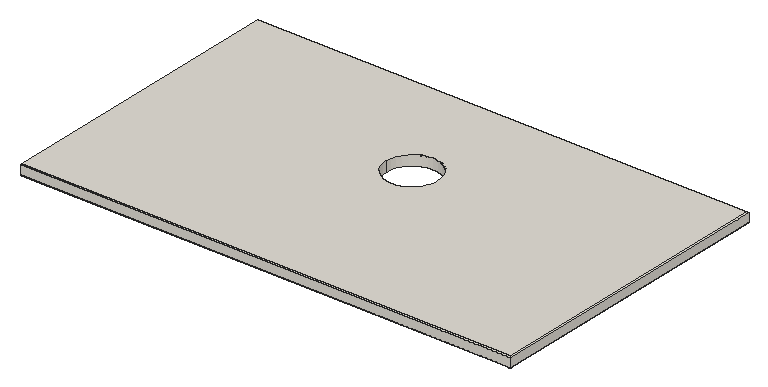
Revit family "Furniture-Counter_Top-KOHLER-Landshapes-K-32308_1", category Specialty Equipment, host Face, Revit 2021
Family settings
  Host = Face
  Round Connector Dimension = Use Diameter
  Part Type = Normal
  OmniClass Number = 23.31.25.00
  OmniClass Title = Toilet and Bath Specialties
  Cut with Voids When Loaded = No
  Shared = No
  Room Calculation Point = No
Parameters (values of type "HEL-Liquid Shell")
  Width = 37.12598"  # constant formula
  WaterSense Certified = 1 = 0  # no
  URL = "https://www.us.kohler.com/us/"
  Type = 1
  Product Page URL = "http://www.us.kohler.com/us/catalog/productDetails.jsp?productNumber=32308"
  Product Name = "Landshapes"  # constant formula
  Product Documentation Link = "https://www.us.kohler.com/webassets/kpna/catalog/pdf/en/K-32308_spec_US-CA_Kohler_en.pdf"
  Model = if(Type = 1, "K-32308-HEL", "NA")  # "K-32308-HEL"
  Material = "Solid Surface"  # constant formula
  Master Format 2014 Name = "Toilet, Bath, and Laundry Accessories"  # constant formula
  Master Format 2014 = "10 28 00"  # constant formula
  Manufacturer Address = "444 Highland Dr, Kohler, WI 53044"  # constant formula
  Manufacturer = "Kohler Co."  # constant formula
  Length = 22.40157"  # constant formula
  Height = 0.7874"  # constant formula
  Finish = KOHLER-Quartz-HEL-Liquid_Shell
  Environmental Product Declaration = ""
  Description = "36 Inches silestone Top Daniel Arsham"  # constant formula
  Default Elevation = 36"
  Declare Label = ""
  Date Modified = "04/12/2024"  # constant formula
  Date Created = "04/12/2024"  # constant formula
  Copyright = "Copyright Kohler Co."  # constant formula
  Contact Us = "https://www.us.kohler.com/us/static/contact.jsp"
  Assembly Code = "C1030200"
  ADA Compliant = 1 = 0  # no
Reference planes (in)
  plane 1 "Center (Front/Back)": y = 0
  plane 2: z = 0
  plane 3 "Center (Left/Right)": x = 0
  plane 4: y = 11.20079
  plane 5: y = -11.20079
  plane 6: x = -18.56299
  plane 7: y = 2.65748
  plane 8: z = 0.7874
  plane 9: x = 18.56299
Dimensions and locks (in)
  "Length": plane 4 to plane 5
  plane 7 to plane 5 = 13.85827"
  "Height": plane 8 to level
  "Width": plane 6 to plane 9
  aligned and locked: plane 2 to host face
  aligned and locked: level to host face
  aligned and locked: plane 3 "Center (Left/Right)" to nested 1
Automatic sketch dimensions
  host sketch curve to host sketch curve = 96"  (x2)
Nested families (in)
  nested 1: "K-32308" at (0, 0, 0), type "K-32308"
Definition of nested family "K-32308"
  Parameters (values of type "K-32308")
    Material = none
    Default Elevation = 0"
  Reference planes (in)
    plane 1 "Center (Front/Back)": y = 0
    plane 2: z = 0
    plane 3 "Center (Left/Right)": x = 0
    plane 4: y = 11.20079
    plane 5: y = -11.20079
    plane 6: y = 2.65748
    plane 7: x = -18.56299
    plane 8: x = 18.56299
    plane 9: z = 0.7874
    plane 10: x = -18.56299
  Forms (in)
    Sweep 1, solid, material <- "Material", detail levels medium+fine
      path origin (0, 0, 0) x (1, 0, 0) y (0, 1, 0)
        loop
          line (18.56299, -11.20079) -> (18.56299, 11.20079) -> (-18.56299, 11.20079) -> (-18.56299, -11.20079) -> (18.56299, -11.20079)
      profile origin (0, -11.20079, 0) x (0, -1, 0) y (0, 0, 1)
        loop
          line (0, 0.059) -> (0, 0.7284) -> (-0.059, 0.7874) -> (-0.104, 0.7874) -> (-0.104, 0) -> (-0.059, 0) -> (0, 0.059)
    Extrusion 2, solid, material <- "Material", detail levels medium+fine
      sketch origin (0, 0, 0) x (1, 0, 0) y (0, 1, 0)
        loop
          circle (0, 2.6378) r 1.9685
        loop
          line (18.459, 11.09679) -> (-18.459, 11.09679) -> (-18.459, -11.09679) -> (18.459, -11.09679) -> (18.459, 11.09679)
      from 0 to 0.7874
    Extrusion 3, solid, material <- "Material", detail levels coarse
      sketch origin (0, 0, 0) x (1, 0, 0) y (0, 1, 0)
        loop
          line (-18.56299, -11.20079) -> (18.56299, -11.20079) -> (18.56299, 11.20079) -> (-18.56299, 11.20079) -> (-18.56299, -11.20079)
        loop
          circle (0, 2.6378) r 1.9685
      from 0 to 0.7874
  Cuts and joins
    joined: Sweep 1, Extrusion 2
  Lines and regions (in)
    Masking region 1
      outline origin (0, 0, 0) x (1, 0, 0) y (0, 1, 0)
        loop
          line (-18.56299, 11.14179) -> (-18.56299, 0) -> (-18.56299, -11.14179) -> (-18.50399, -11.20079) -> (18.50399, -11.20079) -> (18.56299, -11.14179) -> (18.56299, 0) -> (18.56299, 11.14179) -> (18.50399, 11.20079) -> (-18.50399, 11.20079) -> (-18.56299, 11.14179)
        loop
          circle (0, 2.6378) r 1.9685
    Masking region 2
      outline origin (0, 0, 0) x (1, 0, 0) y (0, 0, 1)
        loop
          line (0, 0) -> (18.50399, 0) -> (18.56299, 0.059) -> (18.56299, 0.7284) -> (18.50399, 0.7874) -> (0, 0.7874) -> (-18.50399, 0.7874) -> (-18.56299, 0.7284) -> (-18.56299, 0.059) -> (-18.50399, 0) -> (0, 0)
    Masking region 3
      outline origin (0, 0, 0) x (0, 1, 0) y (0, 0, 1)
        loop
          line (11.20079, 0.7284) -> (11.14179, 0.7874) -> (-11.16147, 0.7874) -> (-11.20079, 0.74809) -> (-11.20079, 0.03931) -> (-11.16147, 0) -> (11.14179, 0) -> (11.20079, 0.059) -> (11.20079, 0.7284)
    symbolic lines, detail levels medium+fine
      curve 1: line (-18.50399, -11.14179, 0) -> (-18.50399, 11.14179, 0)
      curve 2: line (-18.50399, -11.14179, 0) -> (18.50399, -11.14179, 0)
      curve 3: line (-18.50399, 11.14179, 0) -> (18.50399, 11.14179, 0)
      curve 4: line (18.50399, -11.14179, 0) -> (18.50399, 11.14179, 0)
      curve 5: line (18.50399, 11.14179, 0) -> (18.53349, 11.17129, 0)
      curve 6: line (18.50399, -11.14179, 0) -> (18.53349, -11.17129, 0)
      curve 7: line (-18.50399, -11.14179, 0) -> (-18.53349, -11.17129, 0)
      curve 8: line (-18.50399, 11.14179, 0) -> (-18.53349, 11.17129, 0)
      curve 9: line (-18.50399, 0, 0.059) -> (-18.50399, 0, 0.7284)
      curve 10: line (18.50399, 0, 0.059) -> (-18.50399, 0, 0.059)
      curve 11: line (18.50399, 0, 0.7284) -> (-18.50399, 0, 0.7284)
      curve 12: line (18.50399, 0, 0.7284) -> (18.50399, 0, 0.059)
      curve 13: line (18.50399, 0, 0.7284) -> (18.53349, 0, 0.7579)
      curve 14: line (18.50399, 0, 0.059) -> (18.53349, 0, 0.0295)
      curve 15: line (-18.50399, 0, 0.7284) -> (-18.53349, 0, 0.7579)
      curve 16: line (-18.50399, 0, 0.059) -> (-18.53349, 0, 0.0295)
      curve 17: line (0, -11.16147, 0.7284) -> (0, 11.14179, 0.7284)
      curve 18: line (0, 11.14179, 0.7284) -> (0, 11.14179, 0.059)
      curve 19: line (0, -11.16147, 0.059) -> (0, 11.14179, 0.059)
      curve 20: line (0, -11.16147, 0.059) -> (0, -11.16147, 0.7284)
      curve 21: line (0, -11.16147, 0.7284) -> (0, -11.18113, 0.76774)
      curve 22: line (0, -11.16147, 0.059) -> (0, -11.18113, 0.01966)
      curve 23: line (0, 11.14179, 0.7284) -> (0, 11.17129, 0.7579)
      curve 24: line (0, 11.14179, 0.059) -> (0, 11.17129, 0.0295)
  Dimensions and locks (in)
    plane 4 to plane 5 = 22.40157"
    plane 6 to plane 5 = 13.85827"
    equal spacing: plane 7, plane 3 "Center (Left/Right)", plane 8
    plane 10 to plane 3 "Center (Left/Right)" = 18.56299"
    aligned and locked: level to plane 2
  Automatic sketch dimensions
    curve 22 to plane 5 = 0.03931"
    curve 18 to plane 4 = 0.059"
    level to curve 20 = 0.059"
    curve 20 to plane 9 = 0.059"
    curve 21 to plane 5 = 0.01966"
    curve 22 to plane 5 = 0.01966"
    curve 24 to plane 4 = 0.0295"
    curve 23 to plane 4 = 0.0295"
    level to curve 24 = 0.0295"
    level to curve 22 = 0.01966"
    curve 23 to plane 9 = 0.0295"
    curve 21 to plane 9 = 0.01966"
    plane 7 to curve 10 = 0.059"
    plane 8 to curve 13 = 0.059"
    level to curve 10 = 0.059"
    curve 13 to plane 9 = 0.059"
    plane 7 to curve 16 = 0.0295"
    plane 7 to curve 15 = 0.0295"
    plane 8 to curve 14 = 0.0295"
    plane 8 to curve 13 = 0.0295"
    level to curve 16 = 0.0295"
    level to curve 14 = 0.0295"
    curve 15 to plane 9 = 0.0295"
    curve 13 to plane 9 = 0.0295"
    plane 7 to curve 8 = 0.059"
    plane 8 to curve 5 = 0.059"
    curve 2 to plane 5 = 0.059"
    curve 8 to plane 4 = 0.059"
    plane 7 to curve 8 = 0.0295"
    plane 7 to curve 7 = 0.0295"
    plane 8 to curve 6 = 0.0295"
    plane 8 to curve 5 = 0.0295"
    curve 7 to plane 5 = 0.0295"
    curve 6 to plane 5 = 0.0295"
    curve 8 to plane 4 = 0.0295"
    curve 5 to plane 4 = 0.0295"
    plane 5 to Sweep 1 sketch curve = 0"
    Sweep 1 sketch curve to plane 7 = 0"
    Sweep 1 sketch curve to plane 4 = 0"
    Sweep 1 sketch curve to plane 8 = 0"
    Sweep 1 sketch curve to level = 0"
    Sweep 1 sketch curve to profile plane = 0"
    profile plane to Sweep 1 sketch curve = 0.059"  (x2)
    Sweep 1 sketch curve to Sweep 1 sketch curve = 0.045"
    level to Sweep 1 sketch curve = 0.059"
    Sweep 1 sketch curve to Sweep 1 sketch curve = 0.6694"
    Sweep 1 sketch curve to Sweep 1 sketch curve = 0.059"
    Extrusion 2 sketch curve to Extrusion 2 sketch curve = 0"  (x2)
    Extrusion 2 sketch curve to plane 3 "Center (Left/Right)" = 0"
    plane 7 to Extrusion 2 sketch curve = 0.104"
    plane 8 to Extrusion 2 sketch curve = 0.104"
    Extrusion 2 sketch curve to plane 5 = 0.104"
    Extrusion 2 sketch curve to plane 6 = 0.01969"
    Extrusion 2 sketch curve to plane 4 = 0.104"
    Extrusion 2 sketch curve to plane 3 "Center (Left/Right)" = 1.9685"
    Extrusion 3 sketch curve to Extrusion 3 sketch curve = 0"  (x2)
    plane 5 to Extrusion 3 sketch curve = 0"
    Extrusion 3 sketch curve to plane 7 = 0"
    Extrusion 3 sketch curve to plane 3 "Center (Left/Right)" = 0"
    Extrusion 3 sketch curve to plane 8 = 0"
    Extrusion 3 sketch curve to plane 4 = 0"
    Extrusion 3 sketch curve to plane 6 = 0.01969"
    Extrusion 3 sketch curve to plane 3 "Center (Left/Right)" = 1.9685"
    Masking region 1 sketch curve to Masking region 1 sketch curve = 0"  (x2)
    Masking region 1 sketch curve to plane 7 = 0"
    plane 5 to Masking region 1 sketch curve = 0"
    Masking region 1 sketch curve to plane 4 = 0"
    Masking region 1 sketch curve to plane 3 "Center (Left/Right)" = 0"
    Masking region 1 sketch curve to plane 8 = 0"
    plane 1 "Center (Front/Back)" to Masking region 1 sketch curve = 0"  (x2)
    plane 7 to Masking region 1 sketch curve = 0.059"  (x2)
    plane 8 to Masking region 1 sketch curve = 0.059"  (x2)
    Masking region 1 sketch curve to plane 5 = 0.059"  (x2)
    Masking region 1 sketch curve to plane 6 = 0.01969"
    Masking region 1 sketch curve to plane 4 = 0.059"  (x2)
    Masking region 1 sketch curve to plane 3 "Center (Left/Right)" = 1.9685"
    Masking region 2 sketch curve to plane 7 = 0"
    Masking region 2 sketch curve to level = 0"
    Masking region 2 sketch curve to plane 3 "Center (Left/Right)" = 0"  (x2)
    plane 8 to Masking region 2 sketch curve = 0"
    plane 9 to Masking region 2 sketch curve = 0"
    plane 7 to Masking region 2 sketch curve = 0.059"  (x2)
    plane 8 to Masking region 2 sketch curve = 0.059"  (x2)
    level to Masking region 2 sketch curve = 0.059"  (x2)
    Masking region 2 sketch curve to plane 9 = 0.059"  (x2)
    Masking region 3 sketch curve to plane 5 = 0"
    Masking region 3 sketch curve to level = 0"
    Masking region 3 sketch curve to plane 4 = 0"
    plane 9 to Masking region 3 sketch curve = 0"
    Masking region 3 sketch curve to plane 5 = 0.03931"  (x2)
    Masking region 3 sketch curve to plane 4 = 0.059"  (x2)
    level to Masking region 3 sketch curve = 0.03931"
    level to Masking region 3 sketch curve = 0.059"
    Masking region 3 sketch curve to plane 9 = 0.059"
    Masking region 3 sketch curve to plane 9 = 0.03931"
    Masking region 3 sketch curve to Masking region 3 sketch curve = 0"
